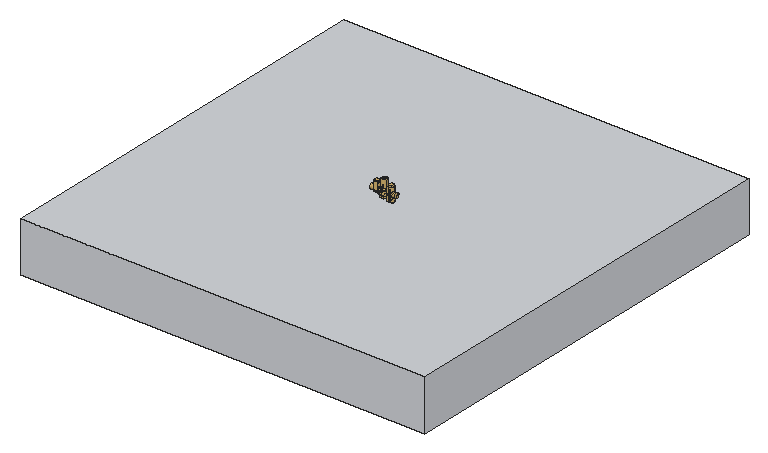
Revit family
Parameters (values of type "ET71-1")
  Waste Connection = no
  WFU = 0
  Voltage = 0
  Vent Connection = no
  URL = "http://www.acorneng.com/"
  Type Comments = ""
  Tempered Water Connection = yes
  Revised Date = "22/04/14"
  Phone# = "626-336-4561"
  OTG - Outlet Temperature Gauge = no
  Model = "ET71-1"
  Material = Brass
  Manufacturer = "Acorn Engineering Company"
  HWFU = 0
  HW Connection = yes
  ET71-1 - Brass Valve Body With 1/2” NPT Inlet & Outlet Connections = yes
  Designed By = "Allied Technical Services"  # constant formula
  Description = "ET71-1 Brass Valve Body With 1/2” NPT Inlet & Outlet Connections\r"
  Default Elevation = 0"
  CWFU = 0
  CW Connection = yes
  BVS - Ball Valve Shut-Off, Ball Valves Shipped Loose = no
  Assembly Code = "D2020300"
  Amperage = 0
Reference planes (in)
  plane 1 "Center (Front/Back)": y = 0
  plane 2: z = 0
  plane 3 "Center (Left/Right)": x = 0
  plane 4: z = 4.31626
  plane 5: z = 1.69126
  plane 6: z = 0.19126
  plane 7: x = -2.91256
  plane 8: x = 2.83744
  plane 9: z = 3.19126
Forms (in)
  Extrusion 1, solid
    sketch origin (0, 0, 0) x (1, 0, 0) y (0, 1, 0)
      loop
        line (-48, 48) -> (-48, -48) -> (48, -48) -> (48, 48) -> (-48, 48)
    from 0 to -12
  Revolve 2, solid, material "Brass" <- "Material"
    sketch origin (0, 0, -0.31785) x (1, 0, 0) y (0, 0, 1)
      loop
        line (-0.25, 4.63411) -> (-0.57785, 4.63411) -> (-0.57785, 2.85612) -> (-0.57785, 2.82521)
        arc (-0.57785, 2.82521) -> (-0.60445, 2.76097) -> (-0.66869, 2.73436) r 0.09084
        line (-0.66869, 2.73436) -> (-0.69989, 2.73436)
        arc (-0.69989, 2.73436) -> (-0.74, 2.71775) -> (-0.75661, 2.67765) r 0.05672
        line (-0.75661, 2.67765) -> (-0.75661, 2.55407)
        arc (-0.75661, 2.55407) -> (-0.76563, 2.5323) -> (-0.7874, 2.52329) r 0.03078
        line (-0.7874, 2.52329) -> (-0.91086, 2.52329)
        arc (-0.91086, 2.52329) -> (-0.97389, 2.49718) -> (-1, 2.43415) r 0.08914
        line (-1, 2.43415) -> (-1, 1.52269)
        arc (-1, 1.52269) -> (-0.991, 1.50095) -> (-0.96927, 1.49195) r 0.03073
        line (-0.96927, 1.49195) -> (-0.85434, 1.49195)
        arc (-0.85434, 1.49195) -> (-0.82215, 1.47862) -> (-0.80882, 1.44644) r 0.04552
        line (-0.80882, 1.44644) -> (-0.80882, 1.36817) -> (-0.33174, 1.36817) -> (-0.33174, 0.66484) -> (-0.30101, 0.63411) -> (-0.11626, 0.63411) -> (-0.11626, 0.52571) -> (0, 0.52571) -> (0, 2.88429) -> (-0.25, 2.88429) -> (-0.25, 4.63411)
      axis (0, 4.63411) -> (0, 0.52571)
    angle from 0 to 360
  Revolve 3, solid, material "Brass" <- "Material"
    sketch origin (0, 0, -0.31785) x (1, 0, 0) y (0, 0, 1)
      loop
        line (-2.91256, 2.56672) -> (-2.91256, 2.25911) -> (-2.41256, 2.25911) -> (-2.41256, 2.00911) -> (2.41256, 2.00911) -> (2.41256, 2.25911) -> (2.91256, 2.25911) -> (2.91256, 2.56672) -> (-2.91256, 2.56672)
      axis (-2.91256, 2.00911) -> (2.91256, 2.00911)
    angle from 0 to 360
  Extrusion 4, solid, material "Brass" <- "Material"
    sketch origin (0, 0, -0.31785) x (1, 0, 0) y (0, 0, 1)
      loop
        line (-1.76963, 3.47825) -> (-1.76963, 2.00911) -> (-1.11297, 2.00911)
        arc (-1.11297, 2.00911) -> (-1.05839, 1.9865) -> (-1.03578, 1.93191) r 0.0772
        line (-1.03578, 1.93191) -> (-1.03578, 1.55157)
        arc (-1.03578, 1.55157) -> (-1.01835, 1.50949) -> (-0.97627, 1.49207) r 0.0595
        line (-0.97627, 1.49207) -> (0.95896, 1.49207)
        arc (0.95896, 1.49207) -> (1.01328, 1.46957) -> (1.03578, 1.41525) r 0.07682
        line (1.03578, 1.41525) -> (1.03578, 0.65525)
        arc (1.03578, 0.65525) -> (1.0518, 0.61656) -> (1.09049, 0.60054) r 0.05472
        line (1.09049, 0.60054) -> (1.13315, 0.60054)
        arc (1.13315, 0.60054) -> (1.15338, 0.59216) -> (1.16176, 0.57193) r 0.02861
        line (1.16176, 0.57193) -> (1.16176, 0.53996) -> (1.77371, 0.53996) -> (1.77371, 2.00911) -> (1.77371, 3.47825) -> (1.16176, 3.47825) -> (1.16176, 3.44628)
        arc (1.16176, 3.44628) -> (1.15338, 3.42606) -> (1.13315, 3.41768) r 0.02861
        line (1.13315, 3.41768) -> (1.09049, 3.41768)
        arc (1.09049, 3.41768) -> (1.0518, 3.40165) -> (1.03578, 3.36296) r 0.05472
        line (1.03578, 3.36296) -> (1.03578, 2.63752)
        arc (1.03578, 2.63752) -> (1.01492, 2.58716) -> (0.96456, 2.5663) r 0.07121
        line (0.96456, 2.5663) -> (-0.96456, 2.5663)
        arc (-0.96456, 2.5663) -> (-1.01492, 2.58716) -> (-1.03578, 2.63752) r 0.07121
        line (-1.03578, 2.63752) -> (-1.03578, 3.36296)
        arc (-1.03578, 3.36296) -> (-1.0518, 3.40165) -> (-1.09049, 3.41768) r 0.05472
        line (-1.09049, 3.41768) -> (-1.13315, 3.41768)
        arc (-1.13315, 3.41768) -> (-1.15338, 3.42606) -> (-1.16176, 3.44628) r 0.02861
        line (-1.16176, 3.44628) -> (-1.16176, 3.47825) -> (-1.76963, 3.47825)
    from 0.55828 to -0.55792
  Revolve 5, solid, material "Brass" <- "Material"
    sketch origin (0, 0, -0.31785) x (1, 0, 0) y (0, 0, 1)
      loop
        line (-1.7722, 3.54346) -> (-2.41213, 3.54346) -> (-2.41213, 1.71655)
        arc (-2.41213, 1.71655) -> (-2.33891, 1.53978) -> (-2.16213, 1.46655) r 0.25
        line (-2.16213, 1.46655) -> (-1.7722, 1.46655) -> (-1.7722, 3.54346)
      axis (-1.7722, 3.54346) -> (-1.7722, 1.46655)
    angle from 0 to 360
  Revolve 6, solid, material "Brass" <- "Material"
    sketch origin (0, 0, -0.31785) x (-1, 0, 0) y (0, 0, -1)
      loop
        line (-1.7722, -3.50911) -> (-1.7722, -0.50911) -> (-2.41213, -0.50911) -> (-2.41213, -3.50911) -> (-1.7722, -3.50911)
      axis (-1.7722, -3.50911) -> (-1.7722, -0.50911)
    angle from 0 to 360
  Extrusion 7, void
    sketch origin (0, 0, -0.31785) x (-1, 0, 0) y (0, 0, 1)
      loop
        line (2.46387, 2.93684) -> (2.28677, 2.93684)
        arc (2.28677, 2.93684) -> (2.25001, 2.92161) -> (2.23479, 2.88485) r 0.05199
        line (2.23479, 2.88485) -> (2.23479, 2.60776)
        arc (2.23479, 2.60776) -> (2.24697, 2.57834) -> (2.2764, 2.56615) r 0.04161
        line (2.2764, 2.56615) -> (2.46387, 2.56615) -> (2.46387, 2.93684)
      loop
        line (-2.46387, 2.93684) -> (-2.46387, 2.56615) -> (-2.2764, 2.56615)
        arc (-2.2764, 2.56615) -> (-2.24697, 2.57834) -> (-2.23479, 2.60776) r 0.04161
        line (-2.23479, 2.60776) -> (-2.23479, 2.88485)
        arc (-2.23479, 2.88485) -> (-2.25001, 2.92161) -> (-2.28677, 2.93684) r 0.05199
        line (-2.28677, 2.93684) -> (-2.46387, 2.93684)
      loop
        line (-2.46387, 1.08137) -> (-2.28677, 1.08137)
        arc (-2.28677, 1.08137) -> (-2.25001, 1.0966) -> (-2.23479, 1.13336) r 0.05199
        line (-2.23479, 1.13336) -> (-2.23479, 1.41045)
        arc (-2.23479, 1.41045) -> (-2.24697, 1.43987) -> (-2.2764, 1.45206) r 0.04161
        line (-2.2764, 1.45206) -> (-2.46387, 1.45206) -> (-2.46387, 1.08137)
    from -0.66009 to 0.89635
  Extrusion 8, void
    sketch origin (0, 0, -0.31785) x (-1, 0, 0) y (0, 0, 1)
      loop
        line (1.39614, 1.44378) -> (1.39614, 1.92749)
        arc (1.39614, 1.92749) -> (1.37224, 1.9852) -> (1.31453, 2.00911) r 0.08162
        line (1.31453, 2.00911) -> (1.12498, 2.00911)
        arc (1.12498, 2.00911) -> (1.0619, 1.98298) -> (1.03578, 1.9199) r 0.0892
        line (1.03578, 1.9199) -> (1.03578, 1.48966)
        arc (1.03578, 1.48966) -> (1.02234, 1.45721) -> (0.98989, 1.44378) r 0.04588
        line (0.98989, 1.44378) -> (1.39614, 1.44378)
    from 0.61898 to -0.6207
  Extrusion 9, solid, material "Brass" <- "Material"
    sketch origin (0, 0, -0.31785) x (1, 0, 0) y (0, 1, 0)
      loop
        line (-1.5222, 0.43301) -> (-2.0222, 0.43301) -> (-2.2722, 0) -> (-2.0222, -0.43301) -> (-1.5222, -0.43301) -> (-1.2722, 0) -> (-1.5222, 0.43301)
    from 3.54346 to 3.73472
  Extrusion 10, solid, material "Brass" <- "Material"
    sketch origin (0, 0, -0.31785) x (1, 0, 0) y (0, 1, 0)
      loop
        line (0.85077, 0) -> (0.42538, 0.73679) -> (-0.42538, 0.73679) -> (-0.85077, 0) -> (-0.42538, -0.73679) -> (0.42538, -0.73679) -> (0.85077, 0)
    from 0.82729 to 1.36817
  Extrusion 11, solid, material "Brass" <- "Material"
    sketch origin (0, 0, -0.3522) x (-1, 0, 0) y (0, -1, 0)
      loop
        line (-1.5222, -0.43301) -> (-1.2722, 0) -> (-1.5222, 0.43301) -> (-2.0222, 0.43301) -> (-2.2722, 0) -> (-2.0222, -0.43301) -> (-1.5222, -0.43301)
    from 3.54346 to 4.04346
  Extrusion 12, solid, material "Brass" <- "Material"
    sketch origin (0, 0, -3.54346) x (-1, 0, 0) y (0, -1, 0)
      loop
        line (-1.5222, -0.43301) -> (-1.2722, 0) -> (-1.5222, 0.43301) -> (-2.0222, 0.43301) -> (-2.2722, 0) -> (-2.0222, -0.43301) -> (-1.5222, -0.43301)
    from 3.54346 to 3.73472
Cuts and joins
  Extrusion 7 cuts Revolve 2
  Extrusion 7 cuts Extrusion 4
  Extrusion 7, Extrusion 8 cuts Revolve 5
  Extrusion 7 cuts Revolve 6
  Extrusion 7 cuts Extrusion 10
  Extrusion 8 cuts Revolve 3
Dimensions and locks (in)
  aligned and locked: plane 2 to Extrusion 1
  aligned and locked: level to Extrusion 1
Connectors (in)
  piping at (0, 0, 4.31626)
    settings: on cut or joined group of Revolve 2, Extrusion 7, index 1
  piping at (-2.91256, 0, 1.69126)
    settings: on cut or joined group of Revolve 3, Extrusion 8, index 2
  piping at (2.91256, 0, 1.69126)
    settings: on cut or joined group of Revolve 3, Extrusion 8, index 3
